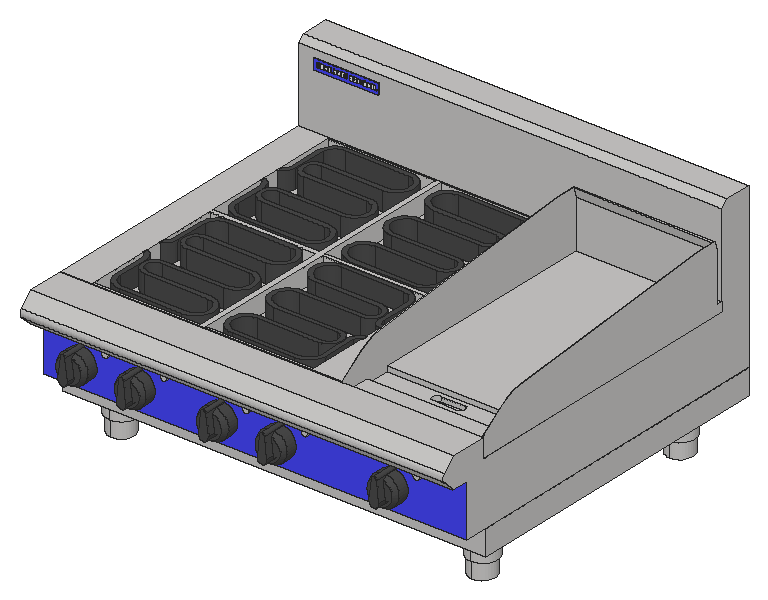
Revit family "QF_MOFFAT_BLUESEAL_CE_E516C-B", category Specialty Equipment, Revit 2012 (continued)
Definition of nested family "ELECTRIC BURNER 600 & GRIDDLE 300"
  Lines and regions (mm)
    symbolic lines
      curve 138: arc (353.788, -498.45, 0) -> (326.088, -470.75, 0) -> (353.788, -443.05, 0) r 27.7
      curve 139: line (353.788, -443.05, 0) -> (485.138, -443.05, 0)
      curve 140: arc (485.138, -443.05, 0) -> (512.838, -415.35, 0) -> (485.138, -387.65, 0) r 27.7
      curve 141: line (485.138, -387.65, 0) -> (353.788, -387.65, 0)
      curve 142: arc (353.788, -387.65, 0) -> (326.088, -359.95, 0) -> (353.788, -332.25, 0) r 27.7
      curve 143: line (353.788, -332.25, 0) -> (486.388, -332.25, 0)
      curve 144: arc (486.388, -332.25, 0) -> (505.541, -339.345, 0) -> (514.088, -357.896, 0) r 26.722
      curve 145: line (514.088, -357.896, 0) -> (514.088, -429.104, 0)
      curve 146: arc (514.088, -429.104, 0) -> (519.963, -444.995, 0) -> (534.388, -453.881, 0) r 25.973
      curve 147: line (534.388, -453.881, 0) -> (534.388, -443.468, 0)
      curve 148: arc (534.388, -443.468, 0) -> (527.036, -437.79, 0) -> (524.088, -428.981, 0) r 15.973
      curve 149: line (524.088, -428.981, 0) -> (524.088, -357.714, 0)
      curve 150: arc (524.088, -357.714, 0) -> (512.487, -332.149, 0) -> (486.216, -322.25, 0) r 36.722
      curve 151: line (486.216, -322.25, 0) -> (353.788, -322.25, 0)
      curve 152: arc (353.788, -322.25, 0) -> (316.088, -359.95, 0) -> (353.788, -397.65, 0) r 37.7
      curve 153: line (0, 0, 0) -> (0, -635, 0)
      curve 154: line (0, -635, 0) -> (600, -635, 0)
      curve 155: line (600, -635, 0) -> (600, 0, 0)
      curve 156: line (600, 0, 0) -> (0, 0, 0)
      curve 157: line (65.8, -320.251, 0) -> (294.362, -320.251, 0)
      curve 158: line (294.362, -320.251, 0) -> (294.362, -630, 0)
      curve 159: line (294.362, -630, 0) -> (65.8, -630, 0)
      curve 160: line (65.8, -630, 0) -> (65.8, -320.251, 0)
      curve 161: line (305.638, -320.251, 0) -> (534.388, -320.251, 0)
      curve 162: line (534.388, -320.251, 0) -> (534.388, -630, 0)
      curve 163: line (534.388, -630, 0) -> (305.638, -630, 0)
      curve 164: line (305.638, -630, 0) -> (305.638, -320.251, 0)
      curve 165: line (305.638, -312.651, 0) -> (305.638, -5, 0)
      curve 166: line (305.638, -5, 0) -> (534.388, -5, 0)
      curve 167: line (534.388, -5, 0) -> (534.388, -312.651, 0)
      curve 168: line (534.388, -312.651, 0) -> (305.638, -312.651, 0)
      curve 169: line (65.8, -312.651, 0) -> (65.8, -5, 0)
      curve 170: line (65.8, -5, 0) -> (294.362, -5, 0)
      curve 171: line (294.362, -5, 0) -> (294.362, -312.651, 0)
      curve 172: line (294.362, -312.651, 0) -> (65.8, -312.651, 0)
  Dimensions and locks
    equal spacing: plane 3 "LEFT", plane 7 "Center Y", plane 4 "RIGHT"
    "Width": plane 3 "LEFT" to plane 4 "RIGHT"
    equal spacing: plane 5 "FRONT", plane 8 "Center X", plane 1 "BACK"
    "Depth": plane 5 "FRONT" to plane 1 "BACK"
    aligned and locked: level to plane 2
  Automatic sketch dimensions
    curve 10 to curve 16 = 0.0 mm  (x2)
    curve 12 to curve 14 = 0.0 mm  (x2)
    curve 18 to curve 44 = 0.0 mm  (x2)
    curve 22 to curve 40 = 0.0 mm  (x2)
    curve 26 to curve 36 = 0.0 mm  (x2)
    curve 28 to curve 34 = 0.0 mm  (x2)
    curve 30 to curve 32 = 0.0 mm  (x2)
    curve 46 to curve 72 = 0.0 mm  (x2)
    curve 50 to curve 68 = 0.0 mm  (x2)
    curve 54 to curve 64 = 0.0 mm  (x2)
    curve 56 to curve 62 = 0.0 mm  (x2)
    curve 58 to curve 60 = 0.0 mm  (x2)
    curve 74 to curve 80 = 0.0 mm  (x2)
    curve 76 to curve 78 = 0.0 mm  (x2)
    curve 84 to curve 102 = 0.0 mm  (x2)
    curve 88 to curve 98 = 0.0 mm  (x2)
    curve 90 to curve 96 = 0.0 mm  (x2)
    curve 92 to curve 94 = 0.0 mm  (x2)
    curve 106 to curve 116 = 0.0 mm  (x2)
    curve 108 to curve 114 = 0.0 mm  (x2)
    curve 110 to curve 112 = 0.0 mm  (x2)
    curve 120 to curve 138 = 0.0 mm  (x2)
    curve 124 to curve 134 = 0.0 mm  (x2)
    curve 126 to curve 132 = 0.0 mm  (x2)
    curve 128 to curve 130 = 0.0 mm  (x2)
    curve 142 to curve 152 = 0.0 mm  (x2)
    curve 144 to curve 150 = 0.0 mm  (x2)
    curve 146 to curve 148 = 0.0 mm  (x2)
    curve 154 to plane 3 "LEFT" = 0.0 mm
    plane 5 "FRONT" to curve 1 = 0.0 mm
    plane 1 "BACK" to curve 155 = 0.0 mm
    plane 3 "LEFT" to curve 110 = 59.946 mm
    plane 3 "LEFT" to curve 60 = 59.946 mm
    plane 3 "LEFT" to curve 78 = 60.128 mm
    plane 3 "LEFT" to curve 94 = 60.128 mm
    curve 92 to curve 94 = 4.872 mm
    curve 76 to curve 77 = 5.484 mm
    curve 110 to curve 112 = 5.667 mm
    curve 58 to curve 60 = 5.667 mm
    plane 8 "Center X" to curve 172 = 4.849 mm
    plane 3 "LEFT" to curve 172 = 65.8 mm
    curve 92 to curve 94 = 15.784 mm
    curve 169 to curve 74 = 10.112 mm
    curve 159 to curve 96 = 10.112 mm
    curve 169 to curve 61 = 10.112 mm
    curve 110 to curve 110 = 15.967 mm
    curve 60 to curve 57 = 10.0 mm
    curve 110 to curve 112 = 10.0 mm
    curve 74 to curve 80 = 10.0 mm
    curve 95 to curve 90 = 10.0 mm
    curve 113 to curve 114 = 26.701 mm
    curve 91 to curve 96 = 26.701 mm
    curve 57 to curve 56 = 26.701 mm
    curve 91 to curve 101 = 27.7 mm
    curve 74 to curve 71 = 0.999 mm
    curve 56 to curve 65 = 0.999 mm
    curve 112 to curve 103 = 27.7 mm
    curve 74 to curve 80 = 0.999 mm
    curve 108 to curve 114 = 0.999 mm
    curve 56 to curve 55 = 0.999 mm
    curve 90 to curve 90 = 0.999 mm
    curve 69 to curve 48 = 0.156 mm
    curve 89 to curve 97 = 0.172 mm
    curve 55 to curve 63 = 0.172 mm
    curve 45 to curve 73 = 0.172 mm
    curve 108 to plane 8 "Center X" = 4.75 mm
    curve 115 to curve 108 = 0.172 mm
    curve 66 to curve 52 = 0.625 mm
    curve 99 to curve 87 = 1.25 mm
    curve 104 to curve 82 = 1.25 mm
    curve 89 to plane 5 "FRONT" = 25.75 mm
    curve 89 to curve 89 = 132.6 mm
    curve 55 to curve 54 = 132.6 mm
    curve 51 to curve 64 = 0.0 mm
    curve 47 to curve 68 = 0.0 mm
    curve 101 to curve 99 = 0.0 mm
    curve 105 to curve 103 = 0.0 mm
    curve 64 to curve 171 = 48.15 mm
    curve 4 to plane 8 "Center X" = 2.751 mm
    curve 4 to curve 171 = 0.0 mm
    curve 5 to plane 5 "FRONT" = 0.299 mm
    curve 5 to curve 158 = 0.0 mm
    plane 8 "Center X" to curve 168 = 4.849 mm
    plane 1 "BACK" to curve 165 = 5.0 mm
    curve 170 to curve 165 = 11.275 mm
    curve 164 to plane 8 "Center X" = 2.751 mm
    curve 164 to curve 165 = 0.0 mm
    curve 5 to curve 163 = 0.0 mm
    curve 165 to curve 44 = 48.15 mm
    curve 163 to curve 134 = 48.15 mm
    curve 6 to curve 152 = 48.15 mm
    curve 137 to curve 124 = 0.0 mm
    curve 41 to curve 18 = 0.0 mm
    curve 37 to curve 22 = 0.0 mm
    plane 7 "Center Y" to curve 136 = 35.138 mm
    plane 7 "Center Y" to curve 139 = 35.138 mm
    plane 7 "Center Y" to curve 39 = 35.763 mm
    plane 1 "BACK" to curve 16 = 9.75 mm
    plane 7 "Center Y" to curve 16 = 36.216 mm
    curve 151 to plane 8 "Center X" = 4.75 mm
    curve 27 to curve 150 = 0.0 mm
    curve 126 to plane 5 "FRONT" = 15.75 mm
    plane 7 "Center Y" to curve 126 = 36.216 mm
    curve 140 to curve 119 = 1.25 mm
    curve 137 to curve 122 = 1.25 mm
    curve 150 to curve 143 = 0.172 mm
    curve 42 to curve 20 = 0.156 mm
    curve 39 to curve 24 = 0.625 mm
    curve 27 to curve 35 = 0.172 mm
    curve 16 to curve 10 = 0.172 mm
    curve 125 to curve 132 = 0.172 mm
    curve 143 to curve 144 = 0.999 mm
    curve 132 to curve 132 = 0.999 mm
    curve 10 to curve 16 = 0.999 mm
    curve 34 to curve 28 = 0.999 mm
    curve 28 to curve 33 = 26.701 mm
    curve 121 to curve 130 = 27.7 mm
    curve 20 to curve 12 = 27.7 mm
    curve 119 to curve 146 = 27.7 mm
    curve 10 to curve 10 = 26.701 mm
    curve 145 to curve 149 = 10.0 mm
    curve 131 to curve 126 = 10.0 mm
    curve 33 to curve 29 = 10.0 mm
    curve 10 to curve 16 = 10.0 mm
    curve 15 to curve 167 = 10.3 mm
    curve 14 to curve 13 = 10.3 mm
    curve 125 to curve 8 = 48.172 mm
    curve 29 to curve 31 = 10.3 mm
    curve 148 to curve 148 = 10.3 mm
    curve 127 to curve 130 = 10.912 mm
    curve 127 to curve 130 = 15.784 mm
    curve 13 to curve 14 = 5.484 mm
    curve 148 to curve 148 = 15.967 mm
    curve 29 to curve 32 = 15.967 mm
    curve 7 to curve 154 = 65.612 mm
    curve 162 to plane 5 "FRONT" = 5.0 mm
    curve 5 to curve 159 = 4.701 mm
    curve 125 to curve 134 = 10.0 mm
    curve 90 to curve 95 = 25.464 mm
    curve 132 to curve 126 = 25.464 mm
    curve 133 to curve 124 = 27.7 mm
    curve 89 to curve 88 = 27.7 mm
    curve 99 to curve 100 = 17.7 mm
    curve 123 to curve 136 = 17.7 mm
    curve 136 to curve 122 = 0.0 mm
    curve 100 to curve 86 = 0.0 mm
    curve 128 to curve 122 = 4.457 mm
    curve 94 to curve 100 = 4.457 mm
    curve 92 to curve 95 = 0.4 mm
    curve 128 to curve 127 = 0.4 mm
    curve 127 to curve 131 = 0.111 mm
    curve 94 to curve 91 = 0.111 mm
    curve 137 to curve 138 = 27.7 mm
    curve 93 to curve 112 = 33.7 mm
    curve 146 to curve 148 = 10.413 mm
    curve 112 to curve 110 = 10.413 mm
    curve 147 to curve 140 = 0.418 mm
    curve 83 to curve 103 = 10.0 mm
    curve 148 to curve 146 = 14.364 mm
    curve 110 to curve 112 = 14.364 mm
    curve 103 to curve 82 = 17.7 mm
    curve 119 to curve 118 = 17.7 mm
    curve 140 to curve 118 = 0.0 mm
    curve 104 to curve 82 = 0.0 mm
    curve 116 to curve 116 = 27.7 mm
    curve 144 to curve 145 = 1.058 mm
    curve 114 to curve 108 = 0.182 mm
    curve 144 to curve 149 = 0.182 mm
    plane 8 "Center X" to curve 27 = 10.75 mm
    plane 8 "Center X" to curve 62 = 10.75 mm
    curve 63 to curve 54 = 10.0 mm
    curve 27 to curve 36 = 10.0 mm
    curve 35 to curve 26 = 27.7 mm
    curve 54 to curve 54 = 27.7 mm
    curve 56 to curve 52 = 28.696 mm
    curve 28 to curve 38 = 28.696 mm
    curve 65 to curve 66 = 17.7 mm
    curve 25 to curve 38 = 17.7 mm
    curve 38 to curve 24 = 0.0 mm
    curve 66 to curve 52 = 0.0 mm
    curve 30 to curve 24 = 4.516 mm
    curve 58 to curve 66 = 4.516 mm
    curve 58 to curve 61 = 0.447 mm
    curve 30 to curve 29 = 0.447 mm
    curve 60 to curve 57 = 0.123 mm
    curve 29 to curve 32 = 0.123 mm
    curve 50 to curve 68 = 27.7 mm
    curve 58 to curve 77 = 33.826 mm
    curve 77 to curve 76 = 10.393 mm
    curve 12 to curve 14 = 10.393 mm
    curve 13 to curve 42 = 0.35 mm
    curve 76 to curve 79 = 14.296 mm
    curve 13 to curve 12 = 14.296 mm
    curve 20 to curve 42 = 17.7 mm
    curve 69 to curve 70 = 17.7 mm
    curve 42 to curve 20 = 0.0 mm
    curve 70 to curve 48 = 0.0 mm
    curve 43 to curve 18 = 27.7 mm
    curve 46 to curve 46 = 27.7 mm
    curve 74 to curve 79 = 1.058 mm
    curve 11 to curve 16 = 0.182 mm
    curve 79 to curve 75 = 0.182 mm
    plane 1 "BACK" to curve 171 = 5.0 mm
    plane 1 "BACK" to Extrusion 1 sketch curve = 0.0 mm
    Extrusion 1 sketch curve to plane 9 = 0.0 mm  (x2)
    Extrusion 1 sketch curve to plane 3 "LEFT" = 0.0 mm
    plane 5 "FRONT" to Extrusion 1 sketch curve = 0.0 mm
    plane 1 "BACK" to Extrusion 1 sketch curve = 5.0 mm  (x2)
    plane 8 "Center X" to Extrusion 1 sketch curve = 4.849 mm  (x2)
    Extrusion 1 sketch curve to plane 8 "Center X" = 2.751 mm  (x2)
    Extrusion 1 sketch curve to plane 5 "FRONT" = 5.0 mm  (x2)
    Extrusion 1 sketch curve to plane 7 "Center Y" = 155.638 mm
    Extrusion 1 sketch curve to Extrusion 1 sketch curve = 0.0 mm  (x3)
    Extrusion 1 sketch curve to Extrusion 1 sketch curve = 11.275 mm
    plane 7 "Center Y" to Extrusion 1 sketch curve = 84.388 mm
    Extrusion 1 sketch curve to Extrusion 1 sketch curve = 65.612 mm
    Extrusion 2 sketch curve to Extrusion 2 sketch curve = 0.0 mm  (x72)
    plane 1 "BACK" to Extrusion 2 sketch curve = 9.75 mm  (x2)
    Extrusion 2 sketch curve to Extrusion 2 sketch curve = 10.0 mm  (x4)
    plane 1 "BACK" to Extrusion 2 sketch curve = 45.214 mm  (x2)
    Extrusion 2 sketch curve to Extrusion 2 sketch curve = 0.182 mm  (x8)
    Extrusion 2 sketch curve to Extrusion 2 sketch curve = 26.704 mm  (x7)
    Extrusion 2 sketch curve to Extrusion 2 sketch curve = 1.058 mm  (x5)
    Extrusion 2 sketch curve to Extrusion 2 sketch curve = 27.7 mm  (x14)
    Extrusion 2 sketch curve to Extrusion 2 sketch curve = 17.7 mm  (x8)
    Extrusion 2 sketch curve to Extrusion 2 sketch curve = 4.457 mm  (x2)
    Extrusion 2 sketch curve to Extrusion 2 sketch curve = 0.4 mm  (x3)
    Extrusion 2 sketch curve to Extrusion 2 sketch curve = 0.111 mm  (x4)
    Extrusion 2 sketch curve to Extrusion 2 sketch curve = 14.806 mm  (x2)
    Extrusion 2 sketch curve to Extrusion 2 sketch curve = 10.393 mm  (x2)
    Extrusion 2 sketch curve to Extrusion 2 sketch curve = 33.826 mm  (x2)
    Extrusion 2 sketch curve to Extrusion 2 sketch curve = 10.413 mm  (x4)
    Extrusion 2 sketch curve to Extrusion 2 sketch curve = 14.364 mm  (x2)
    Extrusion 2 sketch curve to Extrusion 2 sketch curve = 0.123 mm  (x4)
    Extrusion 2 sketch curve to Extrusion 2 sketch curve = 0.447 mm  (x3)
    Extrusion 2 sketch curve to Extrusion 2 sketch curve = 14.934 mm  (x3)
    Extrusion 2 sketch curve to plane 8 "Center X" = 4.75 mm  (x2)
    Extrusion 2 sketch curve to plane 8 "Center X" = 40.214 mm  (x2)
    Extrusion 2 sketch curve to Extrusion 2 sketch curve = 4.516 mm  (x2)
    Extrusion 2 sketch curve to Extrusion 2 sketch curve = 33.7 mm  (x2)
    Extrusion 2 sketch curve to Extrusion 2 sketch curve = 10.306 mm  (x2)
    Extrusion 2 sketch curve to Extrusion 2 sketch curve = 14.508 mm  (x2)
    Extrusion 2 sketch curve to Extrusion 2 sketch curve = 15.019 mm
    plane 3 "LEFT" to Extrusion 2 sketch curve = 59.946 mm  (x2)
    plane 3 "LEFT" to Extrusion 2 sketch curve = 60.128 mm  (x2)
    Extrusion 2 sketch curve to Extrusion 2 sketch curve = 4.872 mm
    Extrusion 2 sketch curve to Extrusion 2 sketch curve = 5.667 mm  (x2)
    Extrusion 2 sketch curve to Extrusion 2 sketch curve = 5.484 mm
    Extrusion 2 sketch curve to Extrusion 2 sketch curve = 26.701 mm  (x4)
    Extrusion 2 sketch curve to Extrusion 2 sketch curve = 0.999 mm  (x6)
    Extrusion 2 sketch curve to Extrusion 2 sketch curve = 0.156 mm  (x2)
    Extrusion 2 sketch curve to Extrusion 2 sketch curve = 0.625 mm  (x2)
    Extrusion 2 sketch curve to Extrusion 2 sketch curve = 1.25 mm  (x4)
    Extrusion 2 sketch curve to Extrusion 2 sketch curve = 132.6 mm
    Extrusion 2 sketch curve to Extrusion 2 sketch curve = 132.428 mm
    Extrusion 2 sketch curve to plane 7 "Center Y" = 96.212 mm  (x3)
    plane 7 "Center Y" to Extrusion 2 sketch curve = 35.138 mm  (x2)
    plane 7 "Center Y" to Extrusion 2 sketch curve = 35.763 mm
    plane 7 "Center Y" to Extrusion 2 sketch curve = 36.216 mm  (x3)
    plane 7 "Center Y" to Extrusion 2 sketch curve = 36.231 mm
    Extrusion 2 sketch curve to Extrusion 2 sketch curve = 0.172 mm  (x4)
  Nested families
    nested 1: "ELECTRIC GRIDDLE PLATE 300" at (600, -15, 0), type "ELECTRIC GRIDDLE PLATE 300"
      with Width 300.0 mm, Type Mark "", Status "", Specification by User "", Show Clearance yes, Revision Code "", Number of Poles 1, Mechanical Remarks "", Mechanical Connection Type "", Item Number "", Installed By "", Identify Quantity as Lot yes, Gas RI Height 0.0 mm, Gas KW 0, Gas Input 0.0 Btu/h, Furnished By "", Foodservice Equipment Identifier yes, Electrical Remarks "", Electric Connection Type "", Elec Conn RI Height 0.0 mm, Elec Conn Connection Height 0.0 mm, Depth 620.0 mm
  Definition of nested family "ELECTRIC GRIDDLE PLATE 300"
    Parameters (values of type "ELECTRIC GRIDDLE PLATE 300")
      Width [instance] = 300.0 mm
      Weight in Pounds = 0
      Watts = 0 W
      Volts = 0 V
      URL Cutsheet = ""
      Type Mark [instance] = ""
      Status [instance] = ""
      Specification by User [instance] = ""
      Specification by Manufacturer = ""
      Show Clearance [instance] = yes
      Serial Number = ""
      Seismic Rating = ""
      SMACNA No = ""
      Revision Code [instance] = ""
      Phase = 1
      Omniclass Number and Title = ""
      Number of Poles [instance] = 1
      NAFEM Spec ID Number = ""
      Min Ckt Ampacity = 0 A
      Mechanical Remarks [instance] = ""
      Mechanical Connection Type [instance] = ""
      Max Overcurrent Protection = 0 A
      Masterspec = ""
      Item Number [instance] = ""
      Installed By [instance] = ""
      Identify Quantity as Lot [instance] = yes
      HP = ""
      Gas Size = 0"
      Gas RI Height [instance] = 0.0 mm
      Gas KW [instance] = 0
      Gas Input [instance] = 0.0 Btu/h
      Gas Connection Height = 0.0 mm
      Furnished By [instance] = ""
      Foodservice Equipment Identifier [instance] = yes
      FL Amps = 0 A
      Electrical Remarks [instance] = ""
      Electric Connection Type [instance] = ""
      Elec Conn RI Height [instance] = 0.0 mm
      Elec Conn Connection Height [instance] = 0.0 mm
      Depth [instance] = 620.0 mm
      Cycle = 0 Hz
      Conn Plug = ""
      Conn Conduit = yes
      CSI MasterFormat = ""
      CSI Master Format = ""
      Apparent Power = if(Phase = 3, Volts * FL Amps * 1.73, Volts * FL Amps)  # 0 VA
    Reference planes
      plane 1 "BACK": y = 0
      plane 2: z = 0
      plane 3 "LEFT": x = 0
      plane 4 "RIGHT": x = 300
      plane 5 "FRONT": y = -620
      plane 6 "TOP": z = 142.5
      plane 7 "Center Y": x = 150
      plane 8 "Center X": y = -310
      plane 9: y = -530.997
      plane 10: y = -541.497
      plane 11: y = -503.25
      plane 12: y = -557.737
    Forms (mm)
      Extrusion 1, solid, material "QF_Finishes_Stainless Steel"
        sketch origin (0, 70.003, -874.5) x (0, 1, 0) y (0, 0, 1)
          loop
            line (-70, 875) -> (-70, 997.489) -> (-75.228, 1017) -> (-117.24, 1017) -> (-589.533, 971.523)
            arc (-589.533, 971.523) -> (-614.56, 965.803) -> (-637.306, 953.899) r 100
            line (-637.306, 953.899) -> (-690.003, 917) -> (-690.003, 875) -> (-70, 875)
        from 0 to 1.8
      Extrusion 2, solid, material "QF_Finishes_Stainless Steel"
        sketch origin (600, 70.003, -874.5) x (0, -1, 0) y (0, 0, 1)
          loop
            line (70, 875) -> (690.003, 875) -> (690.003, 917) -> (637.306, 953.899)
            arc (637.306, 953.899) -> (614.56, 965.803) -> (589.533, 971.523) r 100
            line (589.533, 971.523) -> (117.24, 1017) -> (75.228, 1017) -> (70, 997.489) -> (70, 875)
        from 300 to 301.2
      Extrusion 3, solid, material "QF_Finishes_Stainless Steel"
        sketch origin (150, 70.003, -874.5) x (0, 1, 0) y (0, 0, 1)
          loop
            line (-55, 895) -> (-573.253, 895) -> (-573.253, 884.5) -> (-627.74, 884.5) -> (-627.74, 895) -> (-690.003, 895) -> (-690.003, 875) -> (-55, 875) -> (-55, 895)
        from -150 to 150
      Extrusion 4, void
        sketch origin (150, -541.497, 10) x (0, -1, 0) y (1, 0, 0)
          loop
            arc (-7.497, 25) -> (-17.497, 35) -> (-27.497, 25) r 10
            line (-27.497, 25) -> (-27.497, -25)
            arc (-27.497, -25) -> (-17.497, -35) -> (-7.497, -25) r 10
            line (-7.497, -25) -> (-7.497, 25)
        from -41.4 to 40.142
      Extrusion 5, solid, material "QF_Finishes_Stainless Steel"
        sketch origin (0, 70.003, -874.5) x (0, 1, 0) y (0, 0, 1)
          loop
            line (-70, 875) -> (-70, 997.489) -> (-75.228, 1017) -> (-76.884, 1017) -> (-71.6, 997.278) -> (-71.6, 875) -> (-70, 875)
        from 0 to 298.8
    Cuts and joins
      Extrusion 4 cuts Extrusion 3
      joined: Extrusion 1, Extrusion 2, Extrusion 3, Extrusion 5
    Lines and regions (mm)
      symbolic lines
        curve 1: line (300, -503.25, 0) -> (1.8, -503.25, 0)
        curve 2: line (1.8, -557.737, 0) -> (300, -557.737, 0)
        curve 3: line (0, -1.68, 0) -> (300, -1.68, 0)
        curve 4: line (0, -620, 0) -> (300, -620, 0)
        curve 5: arc (175, -534, 0) -> (185, -524, 0) -> (175, -514, 0) r 10
        curve 6: line (175, -514, 0) -> (125, -514, 0)
        curve 7: arc (125, -514, 0) -> (115, -524, 0) -> (125, -534, 0) r 10
        curve 8: line (125, -534, 0) -> (175, -534, 0)
        curve 9: line (300, 15.003, 0) -> (0, 15.003, 0)
        curve 10: line (300, -620, 0) -> (300, 15.003, 0)
        curve 11: line (0, 15.003, 0) -> (0, -620, 0)
    Dimensions and locks
      equal spacing: plane 3 "LEFT", plane 7 "Center Y", plane 4 "RIGHT"
      "Width": plane 3 "LEFT" to plane 4 "RIGHT"
      equal spacing: plane 5 "FRONT", plane 8 "Center X", plane 1 "BACK"
      "Depth": plane 5 "FRONT" to plane 1 "BACK"
      locked: Extrusion 2 to Extrusion 2 at 1.2
      equal spacing: Extrusion 4 sketch curve, plane 7 "Center Y", Extrusion 4 sketch curve, locked at 35 each
      aligned and locked: level to plane 2
      aligned and locked: Extrusion 2 to plane 4 "RIGHT"
      aligned and locked: curve 1 to plane 11
      aligned and locked: plane 12 to curve 2
      aligned and locked: Extrusion 5 to cut or joined group of Extrusion 1, Extrusion 2, Extrusion 3, Extrusion 4, Extrusion 5
      aligned and locked: cut or joined group of Extrusion 1, Extrusion 2, Extrusion 3, Extrusion 4, Extrusion 5 to plane 3 "LEFT"
    Automatic sketch dimensions
      plane 11 to curve 6 = 10.75 mm
      curve 6 to plane 7 "Center Y" = 25.0 mm
      plane 7 "Center Y" to curve 5 = 25.0 mm
      curve 8 to curve 5 = 20.0 mm
      Extrusion 1 sketch curve to plane 5 "FRONT" = 0.0 mm
      Extrusion 1 sketch curve to plane 6 "TOP" = 0.0 mm
      plane 12 to Extrusion 1 sketch curve = 9.566 mm
      plane 11 to Extrusion 1 sketch curve = 16.28 mm
      Extrusion 1 sketch curve to level = 2.516 mm
      plane 11 to Extrusion 1 sketch curve = 6.695 mm
      plane 1 "BACK" to Extrusion 1 sketch curve = 47.237 mm
      plane 1 "BACK" to Extrusion 1 sketch curve = 5.225 mm
      Extrusion 1 sketch curve to plane 1 "BACK" = 0.003 mm
      level to Extrusion 1 sketch curve = 0.5 mm
      Extrusion 1 sketch curve to Extrusion 1 sketch curve = 42.0 mm
      Extrusion 1 sketch curve to plane 6 "TOP" = 63.101 mm
      Extrusion 1 sketch curve to plane 6 "TOP" = 19.511 mm
      Extrusion 2 sketch curve to plane 6 "TOP" = 0.0 mm
      Extrusion 2 sketch curve to plane 5 "FRONT" = 0.0 mm
      plane 12 to Extrusion 2 sketch curve = 9.566 mm
      plane 11 to Extrusion 2 sketch curve = 16.28 mm
      Extrusion 2 sketch curve to level = 2.516 mm
      plane 11 to Extrusion 2 sketch curve = 6.695 mm
      plane 1 "BACK" to Extrusion 2 sketch curve = 47.237 mm
      plane 1 "BACK" to Extrusion 2 sketch curve = 5.225 mm
      Extrusion 2 sketch curve to plane 1 "BACK" = 0.003 mm
      level to Extrusion 2 sketch curve = 0.5 mm
      Extrusion 2 sketch curve to Extrusion 2 sketch curve = 42.0 mm
      Extrusion 2 sketch curve to plane 6 "TOP" = 63.101 mm
      Extrusion 2 sketch curve to plane 6 "TOP" = 19.511 mm
      Extrusion 3 sketch curve to plane 5 "FRONT" = 0.0 mm
      Extrusion 3 sketch curve to plane 12 = 0.0 mm
      Extrusion 3 sketch curve to plane 11 = 0.0 mm
      Extrusion 3 sketch curve to plane 1 "BACK" = 15.003 mm
      level to Extrusion 3 sketch curve = 0.5 mm
      level to Extrusion 3 sketch curve = 10.0 mm
      Extrusion 3 sketch curve to Extrusion 3 sketch curve = 10.5 mm  (x2)
      plane 11 to Extrusion 4 sketch curve = 10.75 mm
      Extrusion 4 sketch curve to Extrusion 4 sketch curve = 10.0 mm
      Extrusion 4 sketch curve to plane 7 "Center Y" = 25.0 mm
      plane 1 "BACK" to Extrusion 5 sketch curve = 5.225 mm
      Extrusion 5 sketch curve to plane 1 "BACK" = 0.003 mm
      Extrusion 5 sketch curve to plane 6 "TOP" = 19.511 mm
      Extrusion 5 sketch curve to Extrusion 5 sketch curve = 1.6 mm
      Extrusion 5 sketch curve to Extrusion 5 sketch curve = 0.211 mm
      Extrusion 5 sketch curve to plane 6 "TOP" = 0.0 mm
      Extrusion 5 sketch curve to Extrusion 5 sketch curve = 1.656 mm
      level to Extrusion 5 sketch curve = 0.5 mm
      plane 4 "RIGHT" to curve 3 = 0.0 mm
      plane 4 "RIGHT" to curve 2 = 0.0 mm
      plane 4 "RIGHT" to curve 9 = 0.0 mm
      plane 4 "RIGHT" to curve 1 = 0.0 mm
      plane 5 "FRONT" to curve 11 = 0.0 mm
      plane 3 "LEFT" to curve 2 = 1.8 mm
      plane 3 "LEFT" to curve 9 = 0.0 mm
      plane 3 "LEFT" to curve 1 = 1.8 mm
      curve 11 to plane 1 "BACK" = 15.003 mm
      plane 1 "BACK" to curve 3 = 1.68 mm
